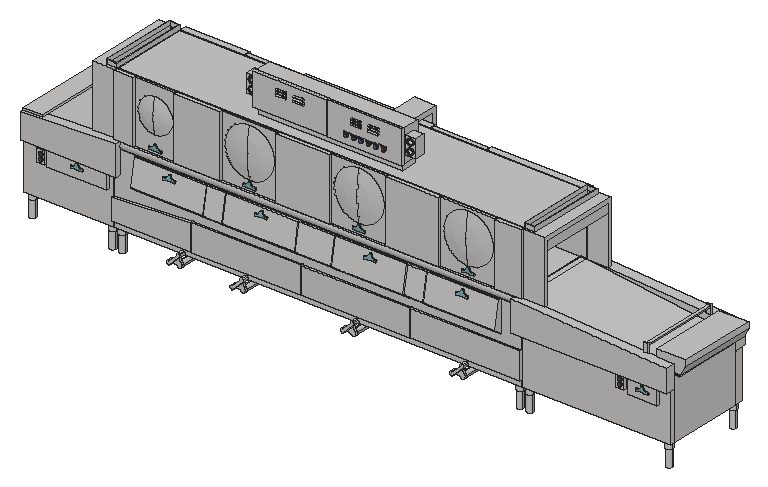
Revit family
Parameters (values of type "480/60/3")
  Weight in Pounds = 0
  Watts = 75000 W
  Waste Water Discharge Temperature [instance] = -459.67 °F
  Volts = 480 V
  Ventilation Remarks [instance] = ""
  Unload Ventilation Remarks [instance] = ""
  Unload Section Width [instance] = if(Custom Unload Width > 5' 0", Custom Unload Width, 5' 0")  # 5' - 0"
  Unload Removable Cover [instance] = yes
  Unload Exhaust Volume = 1000 CFM
  Unload Exhaust Vent Width = 0' - 4"
  Unload Exhaust Vent Depth = 2' - 7 1/4"
  Unload Exhaust Static Press [instance] = 0.00 in-wg
  Unload Exhaust RI Height [instance] = 0' - 0"
  Unload Exhaust Item Number [instance] = "-"
  Unload End Drain [instance] = no
  URL Cutsheet = ""
  URL = "www.stero.com"
  Swing Doors [instance] = no
  Status [instance] = ""
  Standard Doors [instance] = not(Swing Doors)  # yes
  Specification by User [instance] = ""
  Specification by Manufacturer [instance] = ""
  Serial Number [instance] = ""
  Seismic Rating [instance] = ""
  Revision Code [instance] = ""
  Power Wash Width = 3' - 8"  # constant formula
  Power Wash Door [instance] = if(Swing Doors, 3' 0", 1' 10 1/2")  # 1' - 10 1/2"
  Power Scrapper Width = 2' - 8"  # constant formula
  Power Scrapper Door [instance] = if(Swing Doors, 1' 6", 1' 4 1/4")  # 1' - 4 1/4"
  Power Rinse Door [instance] = if(Swing Doors, 3' 0", 1' 10 1/2")  # 1' - 10 1/2"
  Plumbing Remarks [instance] = ""
  Plumbing Connection Type [instance] = ""
  Phase = 3
  ONOFF Switch [instance] = if([30 inch Load], 0' 0", 0' 6")  # 0' - 6"
  Number of Poles [instance] = 3
  No Booster Heater [instance] = not(Booster Heater)  # yes
  NAFEM Spec ID Number [instance] = ""
  Model = "STPCW-ER 164E"
  Masterspec [instance] = ""
  Manufacturer = "Stero"
  Load Section Width [instance] = if([30 inch Load], 2' 6 1/8", if([36 inch Load], 3' 0 1/8", if([48 inch Load], 4' 0 1/8", (Custom Load Width + 0' 0 1/8"))))  # 3' - 0 1/8"
  Load End Drain [instance] = not(Unload End Drain)  # yes
  Item Number [instance] = "-"
  Installed By [instance] = ""
  Indirect Waste Size = 2"
  Indirect Waste Flow [instance] = 0.00 GPM
  Indirect Waste Connection Type [instance] = ""
  Indirect Waste Connection Height = 0' - 7"
  Hot Water Temperature = 140 °F
  Hot Water Size = 1"
  Hot Water RI Height [instance] = 0' - 0"
  Hot Water Minimum Pressure = 20.00 psi
  Hot Water Maximum Pressure = 20.00 psi
  Hot Water Flow [instance] = 0.00 GPM
  Hot Water Consumption = 1.63 GPM
  Hot Water Connection Height = 0' - 6"
  HP = "11"
  Furnished By [instance] = ""
  Foodservice Equipment Identifier [instance] = yes
  Final Rinse Width = 3' - 8"  # constant formula
  Final Rinse 2 Width = 3' - 8"  # constant formula
  Feeder Line 3 = no
  Feeder Line 2 = no
  FL Amps = 80.4 A
  F3 Watts = 0 W
  F3 Volts = 480 V
  F3 Phase = 3
  F3 Number of Poles [instance] = 3
  F3 Item Number [instance] = "-"
  F3 FL Amps = 0 A
  F3 Electrical Remarks [instance] = ""
  F3 Electric Connection Type [instance] = ""
  F3 Elec Conn RI Height [instance] = 0' - 0"
  F3 Elec Conn Connection Height = Elec Conn Connection Height  # 6' - 6"
  F3 Cycle = Cycle  # 60 Hz
  F3 Conn Conduit = yes
  F3 Apparent Power = if(F3 Phase = 3, F3 Volts * F3 FL Amps * 1.73, F3 Volts * F3 FL Amps)  # 0 VA
  F2 Watts = 0 W
  F2 Volts = 480 V
  F2 Phase = 3
  F2 Number of Poles [instance] = 3
  F2 Item Number [instance] = "-"
  F2 FL Amps = 0 A
  F2 Electrical Remarks [instance] = ""
  F2 Electric Connection Type [instance] = ""
  F2 Elec Conn RI Height [instance] = 0' - 0"
  F2 Elec Conn Connection Height = Elec Conn Connection Height  # 6' - 6"
  F2 Cycle = Cycle  # 60 Hz
  F2 Conn Conduit = yes
  F2 Apparent Power = if(F2 Phase = 3, F2 Volts * F2 FL Amps * 1.73, F2 Volts * F2 FL Amps)  # 0 VA
  Exhaust Volume = 500 CFM
  Exhaust Vent Width = 0' - 4"
  Exhaust Vent Depth = 2' - 7 1/4"
  Exhaust Static Press [instance] = 0.00 in-wg
  Exhaust RI Height [instance] = 0' - 0"
  Electrical Remarks [instance] = ""
  Electric Connection Type [instance] = ""
  Elec Conn RI Height [instance] = 0' - 0"
  Elec Conn Connection Height = 6' - 6"
  Description = "Flight Type Dishwasher"
  Depth = 3' - 6"
  Cycle = 60 Hz
  Custom Unload Width [instance] = 5' - 0"
  Custom Load Width [instance] = 4' - 6"
  Conn Conduit = yes
  Cold Water Temperature Recommended [instance] = -459.67 °F
  Cold Water Size [instance] = if(Cold Water Aqua Stat, 0' 0 3/4", 0' 0")  # 0"
  Cold Water RI Height [instance] = 0' - 0"
  Cold Water Minimum Pressure [instance] = 0.00 psi
  Cold Water Maximum Pressure [instance] = 0.00 psi
  Cold Water Flow [instance] = 0.00 GPM
  Cold Water Consumption [instance] = ""
  Cold Water Connection Height [instance] = if(Cold Water Aqua Stat, 0' 6", 0' 0")  # 0' - 0"
  Cold Water Aqua Stat [instance] = no
  CSI MasterFormat = "11 48 13"
  Booster Watts = 24000 W
  Booster Volts = 480 V
  Booster Phase = 3
  Booster Number of Poles [instance] = 3
  Booster Item Number [instance] = "-"
  Booster Heater [instance] = no
  Booster FL Amps = 28.9 A
  Booster Electrical Remarks [instance] = ""
  Booster Electric Connection Type [instance] = ""
  Booster Elec Conn RI Height [instance] = 0' - 0"
  Booster Elec Conn Connection Height = 0' - 11"
  Booster Cycle = 60 Hz
  Booster Conn Conduit = yes
  Booster Apparent Power = if(Booster Phase = 3, Booster Volts * Booster FL Amps * 1.73, Booster Volts * Booster FL Amps)  # 23998.6 VA
  Boosted Plumbing Remarks [instance] = ""
  Boosted Hot Water Temperature = 180 °F
  Boosted Hot Water Size = 3/4"
  Boosted Hot Water RI Height [instance] = 0' - 0"
  Boosted Hot Water Minimum Pressure = 20.00 psi
  Boosted Hot Water Maximum Pressure = 20.00 psi
  Boosted Hot Water Flow [instance] = 0.00 GPM
  Boosted Hot Water Consumption = 1.63 GPM
  Boosted Hot Water Connection Height = 0' - 6"
  Boosted HW Item Number [instance] = "-"
  Assembly Code = "E1090320"
  Apparent Power = if(Phase = 3, Volts * FL Amps * 1.73, Volts * FL Amps)  # 66764.2 VA
  48 inch Load [instance] = no
  36 inch Load [instance] = yes
  30 inch Load [instance] = no
Reference planes (in)
  plane 1 "BACK": y = 0
  plane 2: z = 0
  plane 3 "LEFT": x = -21.27862
  plane 4 "RIGHT": x = 142.72138
  plane 5 "FRONT": y = -42
  plane 6 "Right of Power Scrapper": x = 10.72138
  plane 7 "Right of Power Wash": x = 54.72138
  plane 8 "Load Vent": x = -30.27862
  plane 9 "Unload Vent": x = 151.72138
  plane 10 "Top of Machine": z = 65.5
  plane 11 "Table Height": z = 34
  plane 12 "Bottom of Machine": z = 9
  plane 13 "Middle of Machine": z = 40.625
  plane 14 "Left of Bottom": x = -18.77862
  plane 15 "Right of Bottom": x = 140.22138
  plane 16: z = 38.125
  plane 17: z = 37.75
  plane 18: z = 24.5
  plane 19: z = 22.25
  plane 20: z = 11.5
  plane 21 "Back of Main Body": y = -3
  plane 22 "Front of Main Body": y = -39
  plane 23: x = -5.27862
  plane 24: x = 32.72138
  plane 25: x = 98.72138
  plane 26: x = -13.52862
  plane 27: x = 2.72138
  plane 28: x = 21.47138
  plane 29: x = 43.97138
  plane 30 "Front of Inside": y = -37.25
  plane 31 "Back of Inside": y = -6
  plane 32: x = 4.47138
  plane 33: x = 26.97138
  plane 34: x = -12.27862
  plane 35: x = 16.72138
  plane 36: x = 24.72138
  plane 37: x = 53.72138
  plane 38: x = 16.97138
  plane 39: x = 24.47138
  plane 40: x = 53.97138
  plane 41: x = 10.59638
  plane 42: x = 10.84638
  plane 43: x = 54.59638
  plane 44: x = 54.84638
  plane 45: z = 60.25
  plane 46: z = 67.25
  plane 47: x = -21.40362
  plane 48: x = -25.40362
  plane 49: x = 146.84638
  plane 50: x = 142.84638
  plane 51: x = -57.40362
  plane 52: x = -59.90362
  plane 53: x = -58.40362
  plane 54: x = -49.40362
  plane 55: z = 28.5
  plane 56: z = 28
  plane 57: z = 22
  plane 58: x = -47.40362
  plane 59: x = -23.40362
  plane 60: x = -48.40362
  plane 61: x = -51.40362
  plane 62: x = 202.72138
  plane 63: x = 203.72138
  plane 64: x = 205.22138
  plane 65: x = 207.72138
  plane 66: x = 195.72138
  plane 67: x = 191.72138
  plane 68: x = 198.22138
  plane 69: x = 186.22138
  plane 70: x = 184.72138
  plane 71: x = 181.72138
  plane 72: y = -32.5
  plane 73: y = -26.5
  plane 74: x = 31.72138
  plane 75: x = 89.72138
  plane 76: z = 68.5
  plane 77: z = 71.375
  plane 78: z = 78.625
  plane 79: z = 81.5
  plane 80: x = 60.72138
  plane 81: x = 60.59638
  plane 82: x = 60.84638
  plane 83: x = 30.72138
  plane 84: x = 90.72138
  plane 85: x = 94.72138
  plane 86: x = 26.72138
  plane 87 "Back of Elec Box": y = -26
  plane 88: y = -33
  plane 89 "Front of Panel": y = -34
  plane 90: z = 68.25
  plane 91: z = 81.25
  plane 92: x = 30.97138
  plane 93 "Right of Control Box": x = 90.47138
  plane 94 "Front of LR Panels": y = -32.25
  plane 95: y = -28.25
  plane 96 "Drain": z = 7
  plane 97 "Left Drain": x = -39.90362
  plane 98 "Right Drain": x = 195.72138
  plane 99 "Drain CL": y = -20.25
  plane 100 "Utilities": z = 6
  plane 101 "Cold Water": x = -31.27862
  plane 102 "Utility to Machine": y = -16.75
  plane 103 "Utilities Point of Connection": y = -8.5
  plane 104 "Building Hot Water": x = 178.72138
  plane 105: x = -13.27862
  plane 106: x = 2.59638
  plane 107: x = 1.28388
  plane 108: x = 21.72138
  plane 109: x = 32.65888
  plane 110: x = 32.78388
  plane 111: x = 43.72138
  plane 112: x = 34.15888
  plane 113: x = 31.28388
  plane 114 "Standard Door Clearance": z = 93.5
  plane 115: x = 166.72138
  plane 116: x = 76.72138
  plane 117: x = 120.72138
  plane 118: x = 65.47138
  plane 119: x = 87.97138
  plane 120: x = 65.72138
  plane 121: x = 76.65888
  plane 122: x = 76.78388
  plane 123: x = 87.72138
  plane 124: x = 78.15888
  plane 125: x = 75.28388
  plane 126: x = 98.59638
  plane 127: x = 98.84638
  plane 128: x = 109.47138
  plane 129: x = 131.97138
  plane 130: x = 109.72138
  plane 131: x = 120.65888
  plane 132: x = 120.78388
  plane 133: x = 131.72138
  plane 134: x = 122.15888
  plane 135: x = 119.28388
  plane 136: x = 68.59638
  plane 137: x = 68.34638
  plane 138: x = 97.59638
  plane 139: x = 97.84638
  plane 140: x = 105.59638
  plane 141: x = 105.34638
  plane 142: x = 134.59638
  plane 143: x = 101.97138
  plane 144: x = 70.97138
  plane 145: x = 79.47138
  plane 146: x = 101.97138
Forms (in)
  Extrusion 1, solid, material "QF_Finishes_Stainless Steel"
    sketch origin (0, -39, 0) x (1, 0, 0) y (0, 0, 1)
      loop
        line (-21.27862, 9) -> (142.72138, 9) -> (142.72138, 28.5) -> (140.22138, 28.5) -> (140.22138, 38.125) -> (-18.77862, 38.125) -> (-18.77862, 28.5) -> (-21.27862, 28.5) -> (-21.27862, 9)
    from 0 to -36
  Extrusion 2, solid, material "QF_Finishes_Stainless Steel"
    sketch origin (-18.77862, 0, 0) x (0, 1, 0) y (0, 0, 1)
      loop
        line (-3, 40.625) -> (-39, 40.625)
        arc (-39, 40.625) -> (-39.43875, 39.375) -> (-39, 38.125) r 2
        line (-39, 38.125) -> (-3, 38.125) -> (-3, 40.625)
    from 0 to 159
  Extrusion 3, solid, material "QF_Finishes_Stainless Steel"
    sketch origin (0, 0, 65.5) x (0, 1, 0) y (-1, 0, 0)
      loop
        line (-37.25, 21.27862) -> (-39, 21.27862) -> (-39, 13.52862) -> (-37.25, 13.52862) -> (-37.25, 21.27862)
    from 0 to -24.875
  Extrusion 4, solid, material "QF_Finishes_Stainless Steel"
    sketch origin (0, 0, 65.5) x (0, 1, 0) y (-1, 0, 0)
      loop
        line (-37.25, -2.72138) -> (-39, -2.72138) -> (-39, -21.47138) -> (-37.25, -21.47138) -> (-37.25, -2.72138)
    from 0 to -24.875
  Extrusion 5, solid, material "QF_Finishes_Stainless Steel"
    sketch origin (0, 0, 65.5) x (0, 1, 0) y (-1, 0, 0)
      loop
        line (-37.25, -43.97138) -> (-39, -43.97138) -> (-39, -65.47138) -> (-37.25, -65.47138) -> (-37.25, -43.97138)
    from 0 to -24.875
  Extrusion 6, solid, material "QF_Finishes_Stainless Steel"
    sketch origin (0, 0, 65.5) x (0, 1, 0) y (-1, 0, 0)
      loop
        line (-37.25, -131.97138) -> (-39, -131.97138) -> (-39, -142.72138) -> (-37.25, -142.72138) -> (-37.25, -131.97138)
    from 0 to -24.875
  Extrusion 7, solid, material "QF_Finishes_Stainless Steel"
    sketch origin (0, 0, 65.5) x (0, 1, 0) y (-1, 0, 0)
      loop
        line (-3, 21.27862) -> (-6, 21.27862) -> (-6, -4.47138) -> (-3, -4.47138) -> (-3, 21.27862)
    from 0 to -24.875
  Extrusion 8, solid, material "QF_Finishes_Stainless Steel"
    sketch origin (0, 0, 65.5) x (0, 1, 0) y (-1, 0, 0)
      loop
        line (-3, -101.97138) -> (-6, -101.97138) -> (-6, -142.72138) -> (-3, -142.72138) -> (-3, -101.97138)
    from 0 to -24.875
  Extrusion 9, solid, material "QF_Finishes_Stainless Steel"
    sketch origin (0, 0, 65.5) x (0, 1, 0) y (-1, 0, 0)
      loop
        line (-37.25, 13.52862) -> (-38.25, 13.52862) -> (-38.25, -2.72138) -> (-37.25, -2.72138) -> (-37.25, 13.52862)
    from 0 to -24.875
  Extrusion 10, solid, material "QF_Finishes_Stainless Steel"
    sketch origin (0, 0, 65.5) x (0, 1, 0) y (-1, 0, 0)
      loop
        line (-37.25, -21.47138) -> (-38.25, -21.47138) -> (-38.25, -43.97138) -> (-37.25, -43.97138) -> (-37.25, -21.47138)
    from 0 to -24.875
  Extrusion 11, solid, material "QF_Finishes_Stainless Steel"
    sketch origin (-18.75, 0, 65.5) x (0, 1, 0) y (-1, 0, 0)
      loop
        line (-4, -23.22138) -> (-6, -23.22138) -> (-6, -45.72138) -> (-4, -45.72138) -> (-4, -23.22138)
    from 0 to -24.875
  Revolve 12, solid, material "QF_Finishes_Stainless Steel", visible <- "Standard Doors"
    sketch origin (32.72138, 87.64484, 48) x (0, 1, 0) y (0, 0, 1)
      loop
        line (-125.89484, 6.49826) -> (-125.89484, 16.49826)
        arc (-125.89484, 16.49826) -> (-126.65727, 11.52451) -> (-126.89484, 6.49826) r 48
        line (-126.89484, 6.49826) -> (-125.89484, 6.49826)
      axis (-125.89484, 6.49826) -> (-126.89484, 6.49826)
    angle from 0 to 360
  Extrusion 13, solid, material "QF_Finishes_Light Blue", visible <- "Standard Doors"
    sketch origin (-33.60634, -38.75, 10.99826) x (-1, 0, 0) y (0, 0, 1)
      loop
        line (-27.71645, 30.65632) -> (-26.08461, 30.57309)
        arc (-26.08461, 30.57309) -> (-25.90443, 30.64773) -> (-25.82979, 30.82792) r 0.25483
        line (-25.82979, 30.82792) -> (-25.82979, 31.31285)
        arc (-25.82979, 31.31285) -> (-25.90343, 31.49062) -> (-26.08121, 31.56426) r 0.25142
        arc (-26.08121, 31.56426) -> (-27.22593, 31.7803) -> (-27.90311, 32.72819) r 1.56264
        arc (-27.90311, 32.72819) -> (-28.31726, 33.06213) -> (-28.74741, 32.74907) r 0.43733
        arc (-28.74741, 32.74907) -> (-29.42049, 31.78611) -> (-30.57423, 31.56426) r 1.56264
        arc (-30.57423, 31.56426) -> (-30.75201, 31.49062) -> (-30.82565, 31.31285) r 0.25142
        line (-30.82565, 31.31285) -> (-30.82565, 30.82792)
        arc (-30.82565, 30.82792) -> (-30.75101, 30.64773) -> (-30.57082, 30.57309) r 0.25483
        line (-30.57082, 30.57309) -> (-28.93898, 30.65632)
        arc (-28.93898, 30.65632) -> (-28.32772, 30.6719) -> (-27.71645, 30.65632) r 12
    from 0.5 to 0.4375
  Revolve 14, solid, material "QF_Finishes_Stainless Steel", visible <- "Standard Doors"
    sketch origin (-5.27862, 60.79026, 48) x (0, 1, 0) y (0, 0, 1)
      loop
        line (-99.04026, 6.42888) -> (-99.04026, 13.42888)
        arc (-99.04026, 13.42888) -> (-99.77934, 9.96304) -> (-100.04026, 6.42888) r 26
        line (-100.04026, 6.42888) -> (-99.04026, 6.42888)
      axis (-99.04026, 6.42888) -> (-100.04026, 6.42888)
    angle from 0 to 360
  Revolve 15, solid, material "QF_Finishes_Stainless Steel", visible <- "Standard Doors"
    sketch origin (15.72138, -129.89484, 48) x (0, -1, 0) y (0, 0, -1)
      loop
        line (-125.89484, -6.49826) -> (-126.89484, -6.49826)
        arc (-126.89484, -6.49826) -> (-126.65727, -11.52451) -> (-125.89484, -16.49826) r 48
        line (-125.89484, -16.49826) -> (-125.89484, -6.49826)
      axis (-125.89484, -6.49826) -> (-126.89484, -6.49826)
    angle from 0 to 360
  Extrusion 16, solid, material "QF_Finishes_Stainless Steel"
    sketch origin (-18.77862, 0, 0) x (0, 1, 0) y (0, 0, 1)
      loop
        line (-39, 37.75) -> (-40, 37.75) -> (-42, 27.5) -> (-39, 25.1875) -> (-39, 37.75)
    from 6.5 to 35.5
  Extrusion 17, solid, material "QF_Finishes_Stainless Steel"
    sketch origin (5.47138, 0, 0) x (0, 1, 0) y (0, 0, 1)
      loop
        line (-39, 37.75) -> (-40, 37.75) -> (-42, 27.5) -> (-39, 25.1875) -> (-39, 37.75)
    from 11.5 to 19
  Extrusion 18, solid, material "QF_Finishes_Stainless Steel"
    sketch origin (10.22138, 0, 0) x (0, 1, 0) y (0, 0, 1)
      loop
        line (-39, 37.75) -> (-40, 37.75) -> (-42, 27.5) -> (-39, 25.1875) -> (-39, 37.75)
    from 14.5 to 43.5
  Extrusion 19, solid, material "QF_Finishes_Stainless Steel"
    sketch origin (34.47138, 0, 0) x (0, 1, 0) y (0, 0, 1)
      loop
        line (-39, 37.75) -> (-40, 37.75) -> (-42, 27.5) -> (-39, 25.1875) -> (-39, 37.75)
    from 19.5 to 33.875
  Extrusion 20, solid, material "QF_Finishes_Stainless Steel"
    sketch origin (39.47138, 0, 0) x (0, 1, 0) y (0, 0, 1)
      loop
        line (-39, 37.75) -> (-40, 37.75) -> (-42, 27.5) -> (-39, 25.1875) -> (-39, 37.75)
    from 29.125 to 58.125
  Extrusion 21, solid, material "QF_Finishes_Stainless Steel"
    sketch origin (0, -39, 0) x (1, 0, 0) y (0, 0, 1)
      loop
        line (-21.27862, 11.5) -> (10.59638, 11.5) -> (10.59638, 22.25) -> (-21.27862, 20.375) -> (-21.27862, 11.5)
    from 0 to 1
  Extrusion 22, solid, material "QF_Finishes_Stainless Steel"
    sketch origin (0, -39, 0) x (1, 0, 0) y (0, 0, 1)
      loop
        line (10.84638, 22.25) -> (10.84638, 11.5) -> (54.59638, 11.5) -> (54.59638, 22.25) -> (10.84638, 22.25)
    from 0 to 1
  Extrusion 23, solid, material "QF_Finishes_Stainless Steel"
    sketch origin (0, -39, 0) x (1, 0, 0) y (0, 0, 1)
      loop
        line (54.84638, 22.25) -> (54.84638, 11.5) -> (98.59638, 11.5) -> (98.59638, 22.25) -> (54.84638, 22.25)
    from 0 to 1
  Extrusion 24, solid, material "QF_Finishes_Stainless Steel"
    sketch origin (0, 0, 65.5) x (0, 1, 0) y (-1, 0, 0)
      loop
        line (-6, 21.27862) -> (-37.25, 21.27862) -> (-37.25, -142.72138) -> (-6, -142.72138) -> (-6, 21.27862)
    from 0 to -5.25
  Extrusion 25, solid, material "QF_Finishes_Stainless Steel"
    sketch origin (-21.27862, 0, 0) x (0, 1, 0) y (0, 0, 1)
      loop
        line (-5, 65.5) -> (-38.25, 65.5) -> (-38.25, 40.625) -> (-37.25, 40.625) -> (-37.25, 64.125) -> (-6, 64.125) -> (-6, 40.625) -> (-5, 40.625) -> (-5, 65.5)
    from 0 to -9
  Extrusion 26, solid, material "QF_Finishes_Stainless Steel"
    sketch origin (0, 0, 65.5) x (0, 1, 0) y (-1, 0, 0)
      loop
        line (-6, 25.40362) -> (-37.25, 25.40362) -> (-37.25, 21.40362) -> (-6, 21.40362) -> (-6, 25.40362)
      loop
        line (-5.875, 25.52862) -> (-37.375, 25.52862) -> (-37.375, 21.27862) -> (-5.875, 21.27862) -> (-5.875, 25.52862)
    from 0 to 1.75
  Extrusion 27, solid, material "QF_Finishes_Stainless Steel"
    sketch origin (-30.27862, 0, 0) x (0, 1, 0) y (0, 0, 1)
      loop
        line (-6, 64.125) -> (-37.25, 64.125) -> (-37.25, 60.25) -> (-6, 60.25) -> (-6, 64.125)
    from 0 to 1
  Extrusion 28, void
    sketch origin (0, 0, 65.5) x (0, 1, 0) y (-1, 0, 0)
      loop
        line (-6, 25.40362) -> (-37.25, 25.40362) -> (-37.25, 21.40362) -> (-6, 21.40362) -> (-6, 25.40362)
    from 0 to -1.375
  Extrusion 29, solid, material "QF_Finishes_Stainless Steel"
    sketch origin (142.72138, 0, 0) x (0, 1, 0) y (0, 0, 1)
      loop
        line (-5, 40.625) -> (-5, 65.5) -> (-38.25, 65.5) -> (-38.25, 40.625) -> (-37.25, 40.625) -> (-37.25, 64.125) -> (-6, 64.125) -> (-6, 40.625) -> (-5, 40.625)
    from 0 to 9
  Extrusion 30, solid, material "QF_Finishes_Stainless Steel"
    sketch origin (53.44275, 0, 65.5) x (0, 1, 0) y (-1, 0, 0)
      loop
        line (-6, -93.40362) -> (-6, -89.40362) -> (-37.25, -89.40362) -> (-37.25, -93.40362) -> (-6, -93.40362)
      loop
        line (-5.875, -93.52862) -> (-5.875, -89.27862) -> (-37.375, -89.27862) -> (-37.375, -93.52862) -> (-5.875, -93.52862)
    from 0 to 1.75
  Extrusion 31, solid, material "QF_Finishes_Stainless Steel"
    sketch origin (151.72138, 0, 0) x (0, 1, 0) y (0, 0, 1)
      loop
        line (-6, 64.125) -> (-37.25, 64.125) -> (-37.25, 60.25) -> (-6, 60.25) -> (-6, 64.125)
    from 0 to -1
  Extrusion 32, void
    sketch origin (0, 0, 65.5) x (0, 1, 0) y (-1, 0, 0)
      loop
        line (-37.25, -146.84638) -> (-6, -146.84638) -> (-6, -142.84638) -> (-37.25, -142.84638) -> (-37.25, -146.84638)
    from 0 to -1.375
  Extrusion 33, solid, material "QF_Finishes_Light Blue", visible <- "Standard Doors"
    sketch origin (4.39366, -38.75, 10.99826) x (-1, 0, 0) y (0, 0, 1)
      loop
        line (-27.71645, 30.65632) -> (-26.08461, 30.57309)
        arc (-26.08461, 30.57309) -> (-25.90443, 30.64773) -> (-25.82979, 30.82792) r 0.25483
        line (-25.82979, 30.82792) -> (-25.82979, 31.31285)
        arc (-25.82979, 31.31285) -> (-25.90343, 31.49062) -> (-26.08121, 31.56426) r 0.25142
        arc (-26.08121, 31.56426) -> (-27.22593, 31.7803) -> (-27.90311, 32.72819) r 1.56264
        arc (-27.90311, 32.72819) -> (-28.31726, 33.06213) -> (-28.74741, 32.74907) r 0.43733
        arc (-28.74741, 32.74907) -> (-29.42049, 31.78611) -> (-30.57423, 31.56426) r 1.56264
        arc (-30.57423, 31.56426) -> (-30.75201, 31.49062) -> (-30.82565, 31.31285) r 0.25142
        line (-30.82565, 31.31285) -> (-30.82565, 30.82792)
        arc (-30.82565, 30.82792) -> (-30.75101, 30.64773) -> (-30.57082, 30.57309) r 0.25483
        line (-30.57082, 30.57309) -> (-28.93898, 30.65632)
        arc (-28.93898, 30.65632) -> (-28.32772, 30.6719) -> (-27.71645, 30.65632) r 12
    from 0.5 to 0.4375
  Extrusion 34, solid, material "QF_Finishes_Light Blue", visible <- "Standard Doors"
    sketch origin (-12.60634, -3.5, 10.99826) x (-1, 0, 0) y (0, 0, -1)
      loop
        arc (-27.71645, -30.65632) -> (-28.32772, -30.6719) -> (-28.93898, -30.65632) r 12
        line (-28.93898, -30.65632) -> (-30.57082, -30.57309)
        arc (-30.57082, -30.57309) -> (-30.75101, -30.64773) -> (-30.82565, -30.82792) r 0.25483
        line (-30.82565, -30.82792) -> (-30.82565, -31.31285)
        arc (-30.82565, -31.31285) -> (-30.75201, -31.49062) -> (-30.57423, -31.56426) r 0.25142
        arc (-30.57423, -31.56426) -> (-29.42049, -31.78611) -> (-28.74741, -32.74907) r 1.56264
        arc (-28.74741, -32.74907) -> (-28.31726, -33.06213) -> (-27.90311, -32.72819) r 0.43733
        arc (-27.90311, -32.72819) -> (-27.22593, -31.7803) -> (-26.08121, -31.56426) r 1.56264
        arc (-26.08121, -31.56426) -> (-25.90343, -31.49062) -> (-25.82979, -31.31285) r 0.25142
        line (-25.82979, -31.31285) -> (-25.82979, -30.82792)
        arc (-25.82979, -30.82792) -> (-25.90443, -30.64773) -> (-26.08461, -30.57309) r 0.25483
        line (-26.08461, -30.57309) -> (-27.71645, -30.65632)
    from 0.5 to 0.4375
  Extrusion 35, solid, material "QF_Finishes_Light Blue"
    sketch origin (40.64366, -47.17361, 4.34597) x (-1, 0, 0) y (0, 0.195946, 0.980615)
      loop
        line (-41.85191, 30.65632) -> (-40.22007, 30.57309)
        arc (-40.22007, 30.57309) -> (-40.03988, 30.64773) -> (-39.96525, 30.82792) r 0.25483
        line (-39.96525, 30.82792) -> (-39.96525, 31.31285)
        arc (-39.96525, 31.31285) -> (-40.03889, 31.49062) -> (-40.21666, 31.56426) r 0.25142
        arc (-40.21666, 31.56426) -> (-41.36139, 31.7803) -> (-42.03857, 32.72819) r 1.56264
        arc (-42.03857, 32.72819) -> (-42.45272, 33.06213) -> (-42.88287, 32.74907) r 0.43733
        arc (-42.88287, 32.74907) -> (-43.55595, 31.78611) -> (-44.70969, 31.56426) r 1.56264
        arc (-44.70969, 31.56426) -> (-44.88747, 31.49062) -> (-44.96111, 31.31285) r 0.25142
        line (-44.96111, 31.31285) -> (-44.96111, 30.82792)
        arc (-44.96111, 30.82792) -> (-44.88647, 30.64773) -> (-44.70628, 30.57309) r 0.25483
        line (-44.70628, 30.57309) -> (-43.07444, 30.65632)
        arc (-43.07444, 30.65632) -> (-42.46318, 30.6719) -> (-41.85191, 30.65632) r 12
      loop
        line (2.0339, 30.65632) -> (3.66574, 30.57309)
        arc (3.66574, 30.57309) -> (3.84592, 30.64773) -> (3.92056, 30.82792) r 0.25483
        line (3.92056, 30.82792) -> (3.92056, 31.31285)
        arc (3.92056, 31.31285) -> (3.84692, 31.49062) -> (3.66915, 31.56426) r 0.25142
        arc (3.66915, 31.56426) -> (2.52442, 31.7803) -> (1.84724, 32.72819) r 1.56264
        arc (1.84724, 32.72819) -> (1.43309, 33.06213) -> (1.00294, 32.74907) r 0.43733
        arc (1.00294, 32.74907) -> (0.32986, 31.78611) -> (-0.82388, 31.56426) r 1.56264
        arc (-0.82388, 31.56426) -> (-1.00166, 31.49062) -> (-1.0753, 31.31285) r 0.25142
        line (-1.0753, 31.31285) -> (-1.0753, 30.82792)
        arc (-1.0753, 30.82792) -> (-1.00066, 30.64773) -> (-0.82047, 30.57309) r 0.25483
        line (-0.82047, 30.57309) -> (0.81137, 30.65632)
        arc (0.81137, 30.65632) -> (1.42263, 30.6719) -> (2.0339, 30.65632) r 12
      loop
        line (39.0339, 30.65632) -> (40.66574, 30.57309)
        arc (40.66574, 30.57309) -> (40.84592, 30.64773) -> (40.92056, 30.82792) r 0.25483
        line (40.92056, 30.82792) -> (40.92056, 31.31285)
        arc (40.92056, 31.31285) -> (40.84692, 31.49062) -> (40.66915, 31.56426) r 0.25142
        arc (40.66915, 31.56426) -> (39.52442, 31.7803) -> (38.84724, 32.72819) r 1.56264
        arc (38.84724, 32.72819) -> (38.43309, 33.06213) -> (38.00294, 32.74907) r 0.43733
        arc (38.00294, 32.74907) -> (37.32986, 31.78611) -> (36.17612, 31.56426) r 1.56264
        arc (36.17612, 31.56426) -> (35.99834, 31.49062) -> (35.9247, 31.31285) r 0.25142
        line (35.9247, 31.31285) -> (35.9247, 30.82792)
        arc (35.9247, 30.82792) -> (35.99934, 30.64773) -> (36.17953, 30.57309) r 0.25483
        line (36.17953, 30.57309) -> (37.81137, 30.65632)
        arc (37.81137, 30.65632) -> (38.42263, 30.6719) -> (39.0339, 30.65632) r 12
      loop
        line (-78.85191, 30.65632) -> (-77.22007, 30.57309)
        arc (-77.22007, 30.57309) -> (-77.03988, 30.64773) -> (-76.96525, 30.82792) r 0.25483
        line (-76.96525, 30.82792) -> (-76.96525, 31.31285)
        arc (-76.96525, 31.31285) -> (-77.03889, 31.49062) -> (-77.21666, 31.56426) r 0.25142
        arc (-77.21666, 31.56426) -> (-78.36139, 31.7803) -> (-79.03857, 32.72819) r 1.56264
        arc (-79.03857, 32.72819) -> (-79.45272, 33.06213) -> (-79.88287, 32.74907) r 0.43733
        arc (-79.88287, 32.74907) -> (-80.55595, 31.78611) -> (-81.70969, 31.56426) r 1.56264
        arc (-81.70969, 31.56426) -> (-81.88747, 31.49062) -> (-81.96111, 31.31285) r 0.25142
        line (-81.96111, 31.31285) -> (-81.96111, 30.82792)
        arc (-81.96111, 30.82792) -> (-81.88647, 30.64773) -> (-81.70628, 30.57309) r 0.25483
        line (-81.70628, 30.57309) -> (-80.07444, 30.65632)
        arc (-80.07444, 30.65632) -> (-79.46318, 30.6719) -> (-78.85191, 30.65632) r 12
    from 0.5 to 0.4375
  Extrusion 36, solid, material "QF_Finishes_Stainless Steel", not visible
    sketch origin (-18.77862, 0, 0) x (0, 1, 0) y (0, 0, 1)
      loop
        line (-39, 37.75) -> (-40, 37.75) -> (-42, 27.5) -> (-39, 25.1875) -> (-39, 37.75)
    from 6.5 to 35.5
  Extrusion 37, solid, material "QF_Finishes_Stainless Steel", not visible
    sketch origin (5.47138, 0, 0) x (0, 1, 0) y (0, 0, 1)
      loop
        line (-39, 37.75) -> (-40, 37.75) -> (-42, 27.5) -> (-39, 25.1875) -> (-39, 37.75)
    from 11.5 to 19
  Extrusion 38, solid, material "QF_Finishes_Stainless Steel", not visible
    sketch origin (10.22138, 0, 0) x (0, 1, 0) y (0, 0, 1)
      loop
        line (-39, 37.75) -> (-40, 37.75) -> (-42, 27.5) -> (-39, 25.1875) -> (-39, 37.75)
    from 14.5 to 43.5
  Extrusion 39, solid, material "QF_Finishes_Stainless Steel", not visible
    sketch origin (34.47138, 0, 0) x (0, 1, 0) y (0, 0, 1)
      loop
        line (-39, 37.75) -> (-40, 37.75) -> (-42, 27.5) -> (-39, 25.1875) -> (-39, 37.75)
    from 19.5 to 33.875
  Extrusion 40, solid, material "QF_Finishes_Stainless Steel", not visible
    sketch origin (39.47138, 0, 0) x (0, 1, 0) y (0, 0, 1)
      loop
        line (-39, 37.75) -> (-40, 37.75) -> (-42, 27.5) -> (-39, 25.1875) -> (-39, 37.75)
    from 29.125 to 58.125
  Extrusion 41, solid, material "QF_Finishes_Light Blue", not visible
    sketch origin (40.64366, -47.17361, 4.34597) x (-1, 0, 0) y (0, 0.195946, 0.980615)
      loop
        line (-41.85191, 30.65632) -> (-40.22007, 30.57309)
        arc (-40.22007, 30.57309) -> (-40.03988, 30.64773) -> (-39.96525, 30.82792) r 0.25483
        line (-39.96525, 30.82792) -> (-39.96525, 31.31285)
        arc (-39.96525, 31.31285) -> (-40.03889, 31.49062) -> (-40.21666, 31.56426) r 0.25142
        arc (-40.21666, 31.56426) -> (-41.36139, 31.7803) -> (-42.03857, 32.72819) r 1.56264
        arc (-42.03857, 32.72819) -> (-42.45272, 33.06213) -> (-42.88287, 32.74907) r 0.43733
        arc (-42.88287, 32.74907) -> (-43.55595, 31.78611) -> (-44.70969, 31.56426) r 1.56264
        arc (-44.70969, 31.56426) -> (-44.88747, 31.49062) -> (-44.96111, 31.31285) r 0.25142
        line (-44.96111, 31.31285) -> (-44.96111, 30.82792)
        arc (-44.96111, 30.82792) -> (-44.88647, 30.64773) -> (-44.70628, 30.57309) r 0.25483
        line (-44.70628, 30.57309) -> (-43.07444, 30.65632)
        arc (-43.07444, 30.65632) -> (-42.46318, 30.6719) -> (-41.85191, 30.65632) r 12
      loop
        line (2.0339, 30.65632) -> (3.66574, 30.57309)
        arc (3.66574, 30.57309) -> (3.84592, 30.64773) -> (3.92056, 30.82792) r 0.25483
        line (3.92056, 30.82792) -> (3.92056, 31.31285)
        arc (3.92056, 31.31285) -> (3.84692, 31.49062) -> (3.66915, 31.56426) r 0.25142
        arc (3.66915, 31.56426) -> (2.52442, 31.7803) -> (1.84724, 32.72819) r 1.56264
        arc (1.84724, 32.72819) -> (1.43309, 33.06213) -> (1.00294, 32.74907) r 0.43733
        arc (1.00294, 32.74907) -> (0.32986, 31.78611) -> (-0.82388, 31.56426) r 1.56264
        arc (-0.82388, 31.56426) -> (-1.00166, 31.49062) -> (-1.0753, 31.31285) r 0.25142
        line (-1.0753, 31.31285) -> (-1.0753, 30.82792)
        arc (-1.0753, 30.82792) -> (-1.00066, 30.64773) -> (-0.82047, 30.57309) r 0.25483
        line (-0.82047, 30.57309) -> (0.81137, 30.65632)
        arc (0.81137, 30.65632) -> (1.42263, 30.6719) -> (2.0339, 30.65632) r 12
      loop
        line (39.0339, 30.65632) -> (40.66574, 30.57309)
        arc (40.66574, 30.57309) -> (40.84592, 30.64773) -> (40.92056, 30.82792) r 0.25483
        line (40.92056, 30.82792) -> (40.92056, 31.31285)
        arc (40.92056, 31.31285) -> (40.84692, 31.49062) -> (40.66915, 31.56426) r 0.25142
        arc (40.66915, 31.56426) -> (39.52442, 31.7803) -> (38.84724, 32.72819) r 1.56264
        arc (38.84724, 32.72819) -> (38.43309, 33.06213) -> (38.00294, 32.74907) r 0.43733
        arc (38.00294, 32.74907) -> (37.32986, 31.78611) -> (36.17612, 31.56426) r 1.56264
        arc (36.17612, 31.56426) -> (35.99834, 31.49062) -> (35.9247, 31.31285) r 0.25142
        line (35.9247, 31.31285) -> (35.9247, 30.82792)
        arc (35.9247, 30.82792) -> (35.99934, 30.64773) -> (36.17953, 30.57309) r 0.25483
        line (36.17953, 30.57309) -> (37.81137, 30.65632)
        arc (37.81137, 30.65632) -> (38.42263, 30.6719) -> (39.0339, 30.65632) r 12
      loop
        line (-78.85191, 30.65632) -> (-77.22007, 30.57309)
        arc (-77.22007, 30.57309) -> (-77.03988, 30.64773) -> (-76.96525, 30.82792) r 0.25483
        line (-76.96525, 30.82792) -> (-76.96525, 31.31285)
        arc (-76.96525, 31.31285) -> (-77.03889, 31.49062) -> (-77.21666, 31.56426) r 0.25142
        arc (-77.21666, 31.56426) -> (-78.36139, 31.7803) -> (-79.03857, 32.72819) r 1.56264
        arc (-79.03857, 32.72819) -> (-79.45272, 33.06213) -> (-79.88287, 32.74907) r 0.43733
        arc (-79.88287, 32.74907) -> (-80.55595, 31.78611) -> (-81.70969, 31.56426) r 1.56264
        arc (-81.70969, 31.56426) -> (-81.88747, 31.49062) -> (-81.96111, 31.31285) r 0.25142
        line (-81.96111, 31.31285) -> (-81.96111, 30.82792)
        arc (-81.96111, 30.82792) -> (-81.88647, 30.64773) -> (-81.70628, 30.57309) r 0.25483
        line (-81.70628, 30.57309) -> (-80.07444, 30.65632)
        arc (-80.07444, 30.65632) -> (-79.46318, 30.6719) -> (-78.85191, 30.65632) r 12
    from 0.5 to 0.4375
  Extrusion 42, solid, material "QF_Finishes_Stainless Steel"
    sketch origin (0, -37.25, 0) x (1, 0, 0) y (0, 0, 1)
      loop
        line (-57.40362, 28.5) -> (-18.77862, 28.5) -> (-18.77862, 40.625) -> (-57.40362, 38.75) -> (-57.40362, 28.5)
    from 0 to 3.75
  Extrusion 43, solid, material "QF_Finishes_Stainless Steel"
    sketch origin (0, -6, 0) x (1, 0, 0) y (0, 0, 1)
      loop
        line (-57.40362, 28.5) -> (-18.77862, 28.5) -> (-18.77862, 40.625) -> (-57.40362, 38.75) -> (-57.40362, 28.5)
    from 0 to -4.5
  Extrusion 44, solid, material "QF_Finishes_Stainless Steel"
    sketch origin (0, -6, 0) x (1, 0, 0) y (0, 0, 1)
      loop
        line (-57.40362, 34) -> (-59.90362, 34) -> (-59.90362, 33.875) -> (-57.40362, 33.875) -> (-57.40362, 34)
    from 0 to 31.25
  Extrusion 45, solid, material "QF_Finishes_Stainless Steel"
    sketch origin (0, -6, 0) x (1, 0, 0) y (0, 0, 1)
      loop
        line (-57.40362, 33.875) -> (-58.40362, 33.875) -> (-58.40362, 32.5) -> (-57.40362, 32.5) -> (-57.40362, 33.875)
    from 3.5 to 29.25
  Extrusion 46, solid, material "QF_Finishes_Stainless Steel"
    sketch origin (0, -6, 0) x (1, 0, 0) y (0, 0, 1)
      loop
        line (-57.40362, 32) -> (-58.40362, 32) -> (-58.40362, 28) -> (-57.40362, 28) -> (-57.40362, 32)
    from 3.5 to 29.25
  Extrusion 47, solid, material "QF_Finishes_Stainless Steel"
    sketch origin (0, -6, 0) x (1, 0, 0) y (0, 0, 1)
      loop
        line (-18.77862, 40.625) -> (-21.27862, 40.625) -> (-57.40362, 34) -> (-57.40362, 9) -> (-21.27862, 9) -> (-21.27862, 28.5) -> (-18.77862, 28.5) -> (-18.77862, 40.625)
    from 0 to 31.25
  Extrusion 48, solid, material "QF_Finishes_Stainless Steel"
    sketch origin (0, -6, 0) x (1, 0, 0) y (0, 0, 1)
      loop
        line (-57.40362, 38.75) -> (-49.40362, 39.13835) -> (-49.40362, 39.88923) -> (-57.40362, 39.50088) -> (-57.40362, 38.75)
    from -2.625 to 33.875
  Extrusion 49, solid, material "QF_Finishes_Stainless Steel"
    sketch origin (0, -37.25, 0) x (1, 0, 0) y (0, 0, 1)
      loop
        line (-57.40362, 9) -> (-21.27862, 9) -> (-21.27862, 28.5) -> (-57.40362, 28.5) -> (-57.40362, 9)
    from 0 to 1.75
  Extrusion 50, solid, material "QF_Finishes_Stainless Steel"
    sketch origin (0, -6, 0) x (1, 0, 0) y (0, 0, 1)
      loop
        line (-57.40362, 28.5) -> (-57.40362, 9) -> (-21.27862, 9) -> (-21.27862, 28.5) -> (-57.40362, 28.5)
    from 0 to -3
  Extrusion 51, solid, material "QF_Finishes_Stainless Steel"
    sketch origin (0, -37.25, 0) x (1, 0, 0) y (0, 0, 1)
      loop
        line (-47.40362, 28) -> (-47.40362, 22) -> (-23.40362, 22) -> (-23.40362, 28) -> (-47.40362, 28)
    from 1.75 to 2.75
  Extrusion 52, solid, material "QF_Finishes_Light Blue"
    sketch origin (-63.60634, -40.5, -5.56213) x (-1, 0, 0) y (0, 0, 1)
      loop
        line (-27.5911, 30.65632) -> (-25.95926, 30.57309)
        arc (-25.95926, 30.57309) -> (-25.77908, 30.64773) -> (-25.70444, 30.82792) r 0.25483
        line (-25.70444, 30.82792) -> (-25.70444, 31.31285)
        arc (-25.70444, 31.31285) -> (-25.77808, 31.49062) -> (-25.95585, 31.56426) r 0.25142
        arc (-25.95585, 31.56426) -> (-27.10058, 31.7803) -> (-27.77776, 32.72819) r 1.56264
        arc (-27.77776, 32.72819) -> (-28.19191, 33.06213) -> (-28.62206, 32.74907) r 0.43733
        arc (-28.62206, 32.74907) -> (-29.29514, 31.78611) -> (-30.44888, 31.56426) r 1.56264
        arc (-30.44888, 31.56426) -> (-30.62666, 31.49062) -> (-30.7003, 31.31285) r 0.25142
        line (-30.7003, 31.31285) -> (-30.7003, 30.82792)
        arc (-30.7003, 30.82792) -> (-30.62566, 30.64773) -> (-30.44547, 30.57309) r 0.25483
        line (-30.44547, 30.57309) -> (-28.81363, 30.65632)
        arc (-28.81363, 30.65632) -> (-28.20237, 30.6719) -> (-27.5911, 30.65632) r 12
    from 0.5 to 0.4375
  Extrusion 53, solid, material "QF_Finishes_Stainless Steel"
    sketch origin (0, -37.25, 0) x (1, 0, 0) y (0, 0, 1)
      loop
        line (-48.40362, 22.25) -> (-48.40362, 27.25) -> (-51.40362, 27.25) -> (-51.40362, 22.25) -> (-48.40362, 22.25)
    from 1.75 to 2.75
  Extrusion 54, solid, material "QF_Finishes_Black"
    sketch origin (0, -37.25, 0) x (1, 0, 0) y (0, 0, 1)
      loop
        circle (-49.90362, 25.75) r 0.75
    from 2.75 to 2.8125
  Extrusion 55, solid, material "QF_Finishes_LED Red"
    sketch origin (0, -37.25, -2) x (1, 0, 0) y (0, 0, 1)
      loop
        circle (-49.90362, 25.75) r 0.75
    from 2.75 to 2.8125
  Extrusion 56, solid, material "QF_Finishes_Stainless Steel"
    sketch origin (101.31775, -37.25, 0) x (-1, 0, 0) y (0, 0, -1)
      loop
        line (-101.40362, -28.5) -> (-101.40362, -37.5) -> (-38.90362, -40.625) -> (-38.90362, -28.5) -> (-101.40362, -28.5)
    from 0 to 3.75
  Extrusion 57, solid, material "QF_Finishes_Stainless Steel"
    sketch origin (101.31775, -6, 0) x (-1, 0, 0) y (0, 0, -1)
      loop
        line (-101.40362, -28.5) -> (-101.40362, -37.5) -> (-38.90362, -40.625) -> (-38.90362, -28.5) -> (-101.40362, -28.5)
    from 0 to -4.5
  Extrusion 58, solid, material "QF_Finishes_Stainless Steel"
    sketch origin (101.31775, -6, 0) x (-1, 0, 0) y (0, 0, -1)
      loop
        line (-101.40362, -34) -> (-101.40362, -33.875) -> (-103.90362, -33.875) -> (-103.90362, -34) -> (-101.40362, -34)
    from 0 to 31.25
  Extrusion 59, solid, material "QF_Finishes_Stainless Steel"
    sketch origin (101.31775, -6, 0) x (-1, 0, 0) y (0, 0, -1)
      loop
        line (-101.40362, -33.875) -> (-101.40362, -32.5) -> (-102.40362, -32.5) -> (-102.40362, -33.875) -> (-101.40362, -33.875)
    from 3.5 to 29.25
  Extrusion 60, solid, material "QF_Finishes_Stainless Steel"
    sketch origin (101.31775, -6, 0) x (-1, 0, 0) y (0, 0, -1)
      loop
        line (-38.90362, -40.625) -> (-38.90362, -28.5) -> (-41.40362, -28.5) -> (-41.40362, -9) -> (-101.40362, -9) -> (-101.40362, -34) -> (-41.40362, -40.625) -> (-38.90362, -40.625)
    from 0 to 31.25
  Extrusion 61, solid, material "QF_Finishes_Stainless Steel"
    sketch origin (101.31775, -37.25, 0) x (-1, 0, 0) y (0, 0, -1)
      loop
        line (-101.40362, -9) -> (-101.40362, -28.5) -> (-41.40362, -28.5) -> (-41.40362, -9) -> (-101.40362, -9)
    from 0 to 1.75
  Extrusion 62, solid, material "QF_Finishes_Stainless Steel"
    sketch origin (101.31775, -6, 0) x (-1, 0, 0) y (0, 0, -1)
      loop
        line (-101.40362, -28.5) -> (-41.40362, -28.5) -> (-41.40362, -9) -> (-101.40362, -9) -> (-101.40362, -28.5)
    from 0 to -3
  Extrusion 63, solid, material "QF_Finishes_Stainless Steel", visible <- "Unload Removable Cover"
    sketch origin (0, -6, 0) x (1, 0, 0) y (0, 0, 1)
      loop
        line (207.72138, 40.625) -> (195.72138, 40.625) -> (195.72138, 34.5) -> (205.72138, 34.5) -> (207.72138, 38.125) -> (207.72138, 40.625)
    from 0 to 31.25
  Extrusion 64, solid, material "QF_Finishes_Stainless Steel"
    sketch origin (0, -6, 0) x (1, 0, 0) y (0, 0, 1)
      loop
        line (192.47138, 41.5) -> (190.97138, 41.5) -> (190.97138, 38.0875) -> (192.47138, 38.0125) -> (192.47138, 41.5)
    from 0 to -0.5
  Extrusion 65, solid, material "QF_Finishes_Stainless Steel"
    sketch origin (0, -37.25, 0) x (1, 0, 0) y (0, 0, 1)
      loop
        line (190.97138, 41.5) -> (190.97138, 38.0875) -> (192.47138, 38.0125) -> (192.47138, 41.5) -> (190.97138, 41.5)
    from 0 to 0.5
  Extrusion 66, solid, material "QF_Finishes_Stainless Steel"
    sketch origin (0, -6, 0) x (1, 0, 0) y (0, 0, 1)
      loop
        circle (191.72138, 40.75) r 0.5
    from 0 to 31.25
  Extrusion 67, solid, material "QF_Finishes_Stainless Steel"
    sketch origin (0, -37.25, 0) x (1, 0, 0) y (0, 0, 1)
      loop
        line (186.22138, 28) -> (186.22138, 22) -> (198.22138, 22) -> (198.22138, 28) -> (186.22138, 28)
    from 1.75 to 2.75
  Extrusion 68, solid, material "QF_Finishes_Light Blue"
    sketch origin (120.01866, -40.5, -6.06213) x (-1, 0, 0) y (0, 0, 1)
      loop
        line (-71.5911, 30.65632) -> (-69.95926, 30.57309)
        arc (-69.95926, 30.57309) -> (-69.77908, 30.64773) -> (-69.70444, 30.82792) r 0.25483
        line (-69.70444, 30.82792) -> (-69.70444, 31.31285)
        arc (-69.70444, 31.31285) -> (-69.77808, 31.49062) -> (-69.95585, 31.56426) r 0.25142
        arc (-69.95585, 31.56426) -> (-71.10058, 31.7803) -> (-71.77776, 32.72819) r 1.56264
        arc (-71.77776, 32.72819) -> (-72.19191, 33.06213) -> (-72.62206, 32.74907) r 0.43733
        arc (-72.62206, 32.74907) -> (-73.29514, 31.78611) -> (-74.44888, 31.56426) r 1.56264
        arc (-74.44888, 31.56426) -> (-74.62666, 31.49062) -> (-74.7003, 31.31285) r 0.25142
        line (-74.7003, 31.31285) -> (-74.7003, 30.82792)
        arc (-74.7003, 30.82792) -> (-74.62566, 30.64773) -> (-74.44547, 30.57309) r 0.25483
        line (-74.44547, 30.57309) -> (-72.81363, 30.65632)
        arc (-72.81363, 30.65632) -> (-72.20237, 30.6719) -> (-71.5911, 30.65632) r 12
    from 0.5 to 0.4375
  Extrusion 69, solid, material "QF_Finishes_Stainless Steel"
    sketch origin (189.125, -37.25, 0.75) x (1, 0, 0) y (0, 0, 1)
      loop
        line (-4.40362, 22.25) -> (-4.40362, 27.25) -> (-7.40362, 27.25) -> (-7.40362, 22.25) -> (-4.40362, 22.25)
    from 1.75 to 2.75
  Extrusion 70, solid, material "QF_Finishes_Black"
    sketch origin (189.125, -37.25, 0.75) x (1, 0, 0) y (0, 0, 1)
      loop
        circle (-5.90362, 25.75) r 0.75
    from 2.75 to 2.8125
  Extrusion 71, solid, material "QF_Finishes_LED Red"
    sketch origin (189.125, -37.25, -1.25) x (1, 0, 0) y (0, 0, 1)
      loop
        circle (-5.90362, 25.75) r 0.75
    from 2.75 to 2.8125
  Extrusion 72, solid, material "QF_Finishes_Stainless Steel"
    sketch origin (0, 0, 0) x (1, 0, 0) y (0, 1, 0)
      loop
        circle (-55.46612, -4.9375) r 1.1875
    from 0 to 6.75
  Extrusion 73, solid, material "QF_Finishes_Stainless Steel"
    sketch origin (0, 0, 0) x (1, 0, 0) y (0, 1, 0)
      loop
        circle (-55.46612, -4.9375) r 1.4375
    from 6.75 to 9
  Extrusion 74, solid, material "QF_Finishes_Stainless Steel"
    sketch origin (0, -30.25, 0) x (1, 0, 0) y (0, 1, 0)
      loop
        circle (-55.46612, -6.8125) r 1.1875
    from 0 to 6.75
  Extrusion 75, solid, material "QF_Finishes_Stainless Steel"
    sketch origin (0, -30.25, 0) x (1, 0, 0) y (0, 1, 0)
      loop
        circle (-55.46612, -6.8125) r 1.4375
    from 6.75 to 9
  Extrusion 76, solid, material "QF_Finishes_Stainless Steel"
    sketch origin (31.25, 0, 0) x (1, 0, 0) y (0, 1, 0)
      loop
        circle (-54.46612, -4.9375) r 1.1875
    from 0 to 6.75
  Extrusion 77, solid, material "QF_Finishes_Stainless Steel"
    sketch origin (31.25, 0, 0) x (1, 0, 0) y (0, 1, 0)
      loop
        circle (-54.46612, -4.9375) r 1.4375
    from 6.75 to 9
  Extrusion 78, solid, material "QF_Finishes_Stainless Steel"
    sketch origin (31.25, -30.25, 0) x (1, 0, 0) y (0, 1, 0)
      loop
        circle (-54.46612, -6.8125) r 1.1875
    from 0 to 6.75
  Extrusion 79, solid, material "QF_Finishes_Stainless Steel"
    sketch origin (31.25, -30.25, 0) x (1, 0, 0) y (0, 1, 0)
      loop
        circle (-54.46612, -6.8125) r 1.4375
    from 6.75 to 9
  Extrusion 80, solid, material "QF_Finishes_Stainless Steel"
    sketch origin (-73.80725, 0, 0) x (-1, 0, 0) y (0, -1, 0)
      loop
        circle (-54.46612, 4.9375) r 1.1875
    from 0 to 6.75
  Extrusion 81, solid, material "QF_Finishes_Stainless Steel"
    sketch origin (-73.80725, 0, 0) x (-1, 0, 0) y (0, -1, 0)
      loop
        circle (-54.46612, 4.9375) r 1.4375
    from 6.75 to 9
  Extrusion 82, solid, material "QF_Finishes_Stainless Steel"
    sketch origin (-73.80725, -30.25, 0) x (-1, 0, 0) y (0, -1, 0)
      loop
        circle (-54.46612, 6.8125) r 1.1875
    from 0 to 6.75
  Extrusion 83, solid, material "QF_Finishes_Stainless Steel"
    sketch origin (-73.80725, -30.25, 0) x (-1, 0, 0) y (0, -1, 0)
      loop
        circle (-54.46612, 6.8125) r 1.4375
    from 6.75 to 9
  Extrusion 84, solid, material "QF_Finishes_Stainless Steel"
    sketch origin (151.25, 0, 0) x (1, 0, 0) y (0, 1, 0)
      loop
        circle (-10.46612, -4.9375) r 1.1875
    from 0 to 6.75
  Extrusion 85, solid, material "QF_Finishes_Stainless Steel"
    sketch origin (151.25, 0, 0) x (1, 0, 0) y (0, 1, 0)
      loop
        circle (-10.46612, -4.9375) r 1.4375
    from 6.75 to 9
  Extrusion 86, solid, material "QF_Finishes_Stainless Steel"
    sketch origin (151.25, -30.25, 0) x (1, 0, 0) y (0, 1, 0)
      loop
        circle (-10.46612, -6.8125) r 1.1875
    from 0 to 6.75
  Extrusion 87, solid, material "QF_Finishes_Stainless Steel"
    sketch origin (151.25, -30.25, 0) x (1, 0, 0) y (0, 1, 0)
      loop
        circle (-10.46612, -6.8125) r 1.4375
    from 6.75 to 9
  Extrusion 88, solid, material "QF_Finishes_Stainless Steel"
    sketch origin (46.19275, 0, 0) x (-1, 0, 0) y (0, -1, 0)
      loop
        circle (-98.46612, 4.9375) r 1.1875
    from 0 to 6.75
  Extrusion 89, solid, material "QF_Finishes_Stainless Steel"
    sketch origin (46.19275, 0, 0) x (-1, 0, 0) y (0, -1, 0)
      loop
        circle (-98.46612, 4.9375) r 1.4375
    from 6.75 to 9
  Extrusion 90, solid, material "QF_Finishes_Stainless Steel"
    sketch origin (46.19275, -30.25, 0) x (-1, 0, 0) y (0, -1, 0)
      loop
        circle (-98.46612, 6.8125) r 1.1875
    from 0 to 6.75
  Extrusion 91, solid, material "QF_Finishes_Stainless Steel"
    sketch origin (46.19275, -30.25, 0) x (-1, 0, 0) y (0, -1, 0)
      loop
        circle (-98.46612, 6.8125) r 1.4375
    from 6.75 to 9
  Extrusion 92, solid, material "QF_Finishes_Stainless Steel"
    sketch origin (211.25, 0, 0) x (1, 0, 0) y (0, 1, 0)
      loop
        circle (-10.46612, -4.9375) r 1.1875
    from 0 to 6.75
  Extrusion 93, solid, material "QF_Finishes_Stainless Steel"
    sketch origin (211.25, 0, 0) x (1, 0, 0) y (0, 1, 0)
      loop
        circle (-10.46612, -4.9375) r 1.4375
    from 6.75 to 9
  Extrusion 94, solid, material "QF_Finishes_Stainless Steel"
    sketch origin (211.25, -30.25, 0) x (1, 0, 0) y (0, 1, 0)
      loop
        circle (-10.46612, -6.8125) r 1.1875
    from 0 to 6.75
  Extrusion 95, solid, material "QF_Finishes_Stainless Steel"
    sketch origin (211.25, -30.25, 0) x (1, 0, 0) y (0, 1, 0)
      loop
        circle (-10.46612, -6.8125) r 1.4375
    from 6.75 to 9
  Extrusion 96, solid, material "QF_Finishes_Stainless Steel"
    sketch origin (22, 0, 65.5) x (0, 1, 0) y (-1, 0, 0)
      loop
        line (-26.5, -9.72138) -> (-32.5, -9.72138) -> (-32.5, -67.72138) -> (-26.5, -67.72138) -> (-26.5, -9.72138)
    from 0 to 3
  Extrusion 97, solid, material "QF_Finishes_Stainless Steel"
    sketch origin (22, 0, 65.5) x (0, 1, 0) y (-1, 0, 0)
      loop
        line (-26, -8.97138) -> (-33, -8.97138) -> (-33, -68.47138) -> (-26, -68.47138) -> (-26, -8.97138)
    from 3 to 15.75
  Extrusion 98, solid, material "QF_Finishes_Stainless Steel"
    sketch origin (22, 0, 65.5) x (0, 1, 0) y (-1, 0, 0)
      loop
        line (-33, -8.72138) -> (-34, -8.72138) -> (-34, -38.59638) -> (-33, -38.59638) -> (-33, -8.72138)
    from 2.75 to 16
  Extrusion 99, solid, material "QF_Finishes_Stainless Steel"
    sketch origin (22, 0, 65.5) x (0, 1, 0) y (-1, 0, 0)
      loop
        line (-33, -38.84638) -> (-34, -38.84638) -> (-34, -68.72138) -> (-33, -68.72138) -> (-33, -38.84638)
    from 2.75 to 16
  Extrusion 100, solid, material "QF_Finishes_Stainless Steel"
    sketch origin (22, 0, 65.5) x (0, 1, 0) y (-1, 0, 0)
      loop
        line (-28.25, -4.72138) -> (-32.25, -4.72138) -> (-32.25, -8.97138) -> (-28.25, -8.97138) -> (-28.25, -4.72138)
    from 5.875 to 13.125
  Extrusion 101, solid, material "QF_Finishes_Stainless Steel"
    sketch origin (22, 0, 65.5) x (0, 1, 0) y (-1, 0, 0)
      loop
        line (-28.25, -68.47138) -> (-32.25, -68.47138) -> (-32.25, -72.72138) -> (-28.25, -72.72138) -> (-28.25, -68.47138)
    from 5.875 to 13.125
  Extrusion 102, solid, material "QF_Finishes_Black"
    sketch origin (22, -32.25, 0) x (1, 0, 0) y (0, 0, 1)
      loop
        circle (6.84638, 76.75) r 1.25
      loop
        circle (6.84638, 76.75) r 1
    from 0 to 0.25
  Extrusion 103, solid, material "QF_Finishes_White"
    sketch origin (22, -32.25, 0) x (1, 0, 0) y (0, 0, 1)
      loop
        circle (6.84638, 76.75) r 1
    from 0 to 0.0625
  Extrusion 104, solid, material "QF_Finishes_Black"
    sketch origin (55.66291, -34, -18.39967) x (1, 0, 0) y (0, 0, 1)
      loop
        line (19.62096, 91.02467) -> (17.62096, 91.02467) -> (17.62096, 90.77467) -> (19.62096, 90.77467) -> (19.62096, 91.02467)
      loop
        line (16.62096, 91.02467) -> (14.62096, 91.02467) -> (14.62096, 90.77467) -> (16.62096, 90.77467) -> (16.62096, 91.02467)
      loop
        line (20.62096, 91.02467) -> (20.62096, 90.77467) -> (22.62096, 90.77467) -> (22.62096, 91.02467) -> (20.62096, 91.02467)
      loop
        line (23.62096, 91.02467) -> (23.62096, 90.77467) -> (25.62096, 90.77467) -> (25.62096, 91.02467) -> (23.62096, 91.02467)
      loop
        line (13.62096, 91.02467) -> (11.62096, 91.02467) -> (11.62096, 90.77467) -> (13.62096, 90.77467) -> (13.62096, 91.02467)
      loop
        line (26.62096, 91.02467) -> (26.62096, 90.77467) -> (28.62096, 90.77467) -> (28.62096, 91.02467) -> (26.62096, 91.02467)
    from 0 to 0.25
  Extrusion 105, solid, material "QF_Finishes_Navy Blue"
    sketch origin (56.03783, -34, -18.39967) x (1, 0, 0) y (0, 0, 1)
      loop
        circle (15.24605, 89.89967) r 0.625
    from 0.125 to 0.375
  Extrusion 106, solid, material "QF_Finishes_Navy Blue"
    sketch origin (56.03783, -34, -18.39967) x (1, 0, 0) y (0, 0, 1)
      loop
        circle (18.24605, 89.89967) r 0.625
    from 0.125 to 0.375
  Extrusion 107, solid, material "QF_Finishes_LED Green"
    sketch origin (56.03783, -34, -18.39967) x (1, 0, 0) y (0, 0, 1)
      loop
        circle (21.24605, 89.89967) r 0.625
    from 0.125 to 0.375
  Extrusion 108, solid, material "QF_Finishes_Navy Blue"
    sketch origin (56.03783, -34, -18.39967) x (1, 0, 0) y (0, 0, 1)
      loop
        circle (24.24605, 89.89967) r 0.625
    from 0.125 to 0.375
  Extrusion 109, solid, material "QF_Finishes_Black"
    sketch origin (56.03783, -34, -18.39967) x (1, 0, 0) y (0, 0, 1)
      loop
        line (15.99605, 89.89967) -> (15.99605, 90.77467) -> (14.49605, 90.77467) -> (14.49605, 89.89967)
        arc (14.49605, 89.89967) -> (15.24605, 89.14967) -> (15.99605, 89.89967) r 0.75
      loop
        line (18.99605, 89.89967) -> (18.99605, 90.77467) -> (17.49605, 90.77467) -> (17.49605, 89.89967)
        arc (17.49605, 89.89967) -> (18.24605, 89.14967) -> (18.99605, 89.89967) r 0.75
      loop
        line (21.99605, 89.89967) -> (21.99605, 90.77467) -> (20.49605, 90.77467) -> (20.49605, 89.89967)
        arc (20.49605, 89.89967) -> (21.24605, 89.14967) -> (21.99605, 89.89967) r 0.75
      loop
        line (24.99605, 89.89967) -> (24.99605, 90.77467) -> (23.49605, 90.77467) -> (23.49605, 89.89967)
        arc (23.49605, 89.89967) -> (24.24605, 89.14967) -> (24.99605, 89.89967) r 0.75
      loop
        line (12.99605, 89.89967) -> (12.99605, 90.77467) -> (11.49605, 90.77467) -> (11.49605, 89.89967)
        arc (11.49605, 89.89967) -> (12.24605, 89.14967) -> (12.99605, 89.89967) r 0.75
      loop
        line (27.99605, 89.89967) -> (27.99605, 90.77467) -> (26.49605, 90.77467) -> (26.49605, 89.89967)
        arc (26.49605, 89.89967) -> (27.24605, 89.14967) -> (27.99605, 89.89967) r 0.75
    from 0 to 0.125
  Extrusion 110, solid, material "QF_Finishes_Black"
    sketch origin (22, -32.25, -3.5) x (1, 0, 0) y (0, 0, 1)
      loop
        circle (6.84638, 76.75) r 1.25
      loop
        circle (6.84638, 76.75) r 1
    from 0 to 0.25
  Extrusion 111, solid, material "QF_Finishes_White"
    sketch origin (22, -32.25, -3.5) x (1, 0, 0) y (0, 0, 1)
      loop
        circle (6.84638, 76.75) r 1
    from 0 to 0.0625
  Extrusion 112, solid, material "QF_Finishes_Black"
    sketch origin (85.875, -32.25, 0) x (1, 0, 0) y (0, 0, 1)
      loop
        circle (6.84638, 76.75) r 1.25
      loop
        circle (6.84638, 76.75) r 1
    from 0 to 0.25
  Extrusion 113, solid, material "QF_Finishes_White"
    sketch origin (85.875, -32.25, 0) x (1, 0, 0) y (0, 0, 1)
      loop
        circle (6.84638, 76.75) r 1
    from 0 to 0.0625
  Extrusion 114, solid, material "QF_Finishes_Black"
    sketch origin (85.875, -32.25, -3.5) x (1, 0, 0) y (0, 0, 1)
      loop
        circle (6.84638, 76.75) r 1.25
      loop
        circle (6.84638, 76.75) r 1
    from 0 to 0.25
  Extrusion 115, solid, material "QF_Finishes_White"
    sketch origin (85.875, -32.25, -3.5) x (1, 0, 0) y (0, 0, 1)
      loop
        circle (6.84638, 76.75) r 1
    from 0 to 0.0625
  Extrusion 116, solid, material "QF_Finishes_Navy Blue"
    sketch origin (53.03783, -34, -18.39967) x (1, 0, 0) y (0, 0, 1)
      loop
        circle (15.24605, 89.89967) r 0.625
    from 0.125 to 0.375
  Extrusion 117, solid, material "QF_Finishes_LED Red"
    sketch origin (68.03783, -34, -18.39967) x (1, 0, 0) y (0, 0, 1)
      loop
        circle (15.24605, 89.89967) r 0.625
    from 0.125 to 0.375
  Extrusion 118, solid, material "QF_Finishes_Stainless Steel"
    sketch origin (22, -73.14175, 10.44389) x (1, 0, 0) y (0, 0.5, 0.866025)
      loop
        line (48.28388, 77.875) -> (52.28388, 77.875)
        arc (52.28388, 77.875) -> (52.10082, 78.31694) -> (51.65888, 78.5) r 0.625
        line (51.65888, 78.5) -> (48.90888, 78.5)
        arc (48.90888, 78.5) -> (48.46693, 78.31694) -> (48.28388, 77.875) r 0.625
    from 0 to 0.125
  Extrusion 119, solid, material "QF_Finishes_Stainless Steel"
    sketch origin (22, -73.14175, 9.44389) x (1, 0, 0) y (0, 0.5, 0.866025)
      loop
        line (48.28388, 77.875) -> (52.28388, 77.875)
        arc (52.28388, 77.875) -> (52.10082, 78.31694) -> (51.65888, 78.5) r 0.625
        line (51.65888, 78.5) -> (48.90888, 78.5)
        arc (48.90888, 78.5) -> (48.46693, 78.31694) -> (48.28388, 77.875) r 0.625
    from 0 to 0.125
  Extrusion 120, solid, material "QF_Finishes_Stainless Steel"
    sketch origin (22, -73.14175, 8.44389) x (1, 0, 0) y (0, 0.5, 0.866025)
      loop
        line (48.28388, 77.875) -> (52.28388, 77.875)
        arc (52.28388, 77.875) -> (52.10082, 78.31694) -> (51.65888, 78.5) r 0.625
        line (51.65888, 78.5) -> (48.90888, 78.5)
        arc (48.90888, 78.5) -> (48.46693, 78.31694) -> (48.28388, 77.875) r 0.625
    from 0 to 0.125
